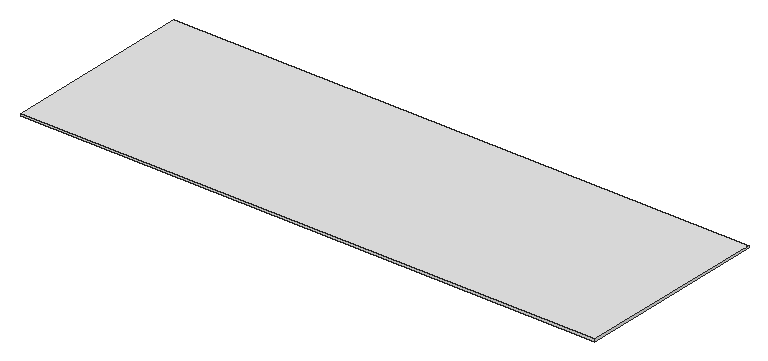
Revit family "5-SHEET-CADS-21-1-2-X-4-4-REVIT_Versatex-Generic-Model-1-2in-x-48in-SHEET", category Generic Models, host Face, Revit 2026
Family settings
  Host = Face
  Can host rebar = No
  Round Connector Dimension = Use Diameter
  Part Type = Normal
  Cut with Voids When Loaded = No
  Maintain Annotation Orientation = No
  Shared = No
  Room Calculation Point = No
Parameters
  Warranty = "https://versatex.com/warranty/"
  URL = "https://versatex.com/"
  Specification = "https://www.arcat.com/company/versatex-45716/spec?coid=45716"
  Sheet Length [instance] = 12' - 0"
  Sales Information = "https://versatex.com/dealer-locator/"
  Rotation [instance] = 0.00°
  Model = "SHSM124808"
  Min_Length [instance] = 1' - 0"
  Message Manufacturer = "https://versatex.com/contact/"
  Max_Length [instance] = 20' - 0"
  Material = Versatex PVC - Smooth
  Manufacturer Website = "https://versatex.com/"
  Manufacturer Phone = "724-857-1111"
  Manufacturer Fax = "724-857-1171"
  Manufacturer Address = "400 Steel Street, Aliquippa, PA 15001"
  Manufacturer = "Versatex"
  Literature = "https://versatex.com/literature/?_sft_literature_category=cads"
  Length [instance] = if(Sheet Length < Min_Length, Min_Length, if(Sheet Length > Max_Length, Max_Length, Sheet Length))  # 12' - 0"
  Description = "1/2\" X 48\" SHEET"
  Default Elevation = 4' - 0"
  Copyright = "© 2024 VERSATEX Building Products, LLC"
Reference planes (in)
  plane 1 "Center (Front/Back)": y = 0
  plane 2: z = 0
  plane 3 "Center (Left/Right)": x = 0
Forms (in)
  Sweep 1, solid, material "Versatex PVC - Smooth" <- "Material"
    path origin (-24, 0, 0) x (1, 0, 0) y (0, 1, 0)
      loop
        line (-48, 0) -> (96, 0)
    profile "Versatex_Profile_1-2” x 48” SHEET : Versatex_Profile_1-2” x 48” SHEET" origin (0, 0, 0) x (0, 1, 0) y (0, 0, 1)
      loop
        line (-24, 0.5) -> (-24, 0) -> (24, 0) -> (24, 0.5) -> (-24, 0.5)
Dimensions and locks (in)
  host sketch curve to host sketch curve = 12' - 0"
  "Length": Sweep 1 sketch curve to Sweep 1 sketch curve
  equal spacing: Sweep 1, plane 3 "Center (Left/Right)", Sweep 1, locked at 72 each
  "Rotation": angle plane 1 "Center (Front/Back)" to Sweep 1 sketch curve
  aligned and locked: host face to plane 2
  aligned and locked: host face to level
Automatic sketch dimensions
  host sketch curve to host sketch curve = 30' - 0"
  plane 1 "Center (Front/Back)" to Sweep 1 sketch curve = 0' - 0"
  Sweep 1 sketch curve to plane 3 "Center (Left/Right)" = 6' - 0"
